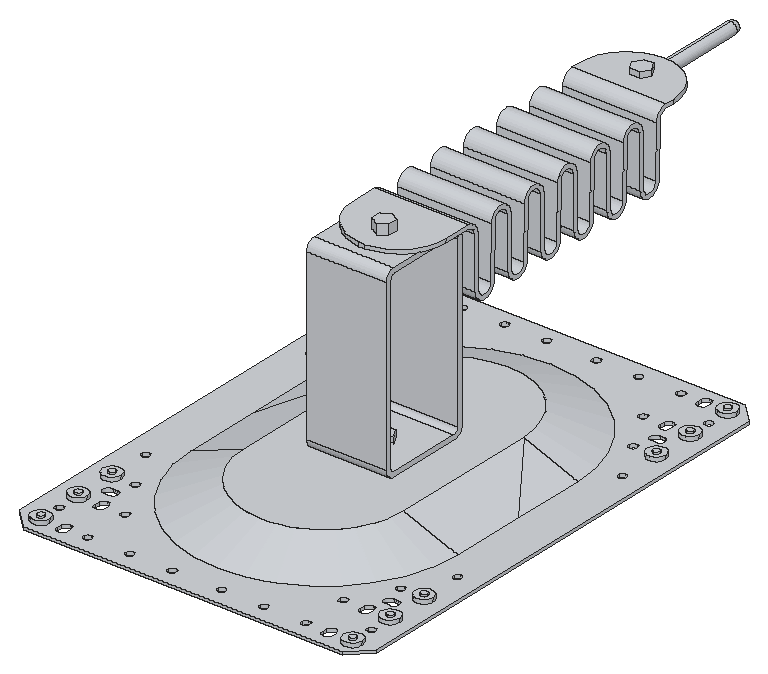
Revit family "TRAPEZOIDAL_ROOF_-_SWAGE_END_ASSEMBLY", category Generic Models, host Face, Revit 2026
Family settings
  Host = Face
  Can host rebar = No
  Round Connector Dimension = Use Diameter
  Part Type = Normal
  Cut with Voids When Loaded = No
  Maintain Annotation Orientation = No
  Shared = No
  Room Calculation Point = No
Parameters
  Shipping Weight kg = "0.0"
  Product Range = "KeeLine"
  Product Model Number = ""
  Product Literature = ""
  Product Group = "KeeLine"
  Product Family = "KeeLine"
  Width = 380 mm
  Overall Width = 380 mm
  Overall Length = 735 mm
  Overall Height = 240 mm
  Material = Stainless Steel, Polished
  Manufacturer Website = "www.keesafety.co.uk"
  Manufacturer Country = "United Kingdom"
  Manufacturer = "Kee Safety"
  Location of Manufacturer = "Cradley Heath"
  Gross Weight kg = "12.5"
  Finish = "Natural"
  Features = ""
  Design Country = "United Kingdom"
  Description = "The Energy Absorber is designed to dissipate the energy generated throughout the system and reduce the end loadings to below 10kN."
  Default Elevation = 1219.2 mm
  Coverage Area = 0.00 m²
  Colour = "Natural"
  CE Approval = yes
  Assembly Code = ""
  Annually = ""
Reference planes
  plane 1 "Center (Front/Back)": y = 0
  plane 2: z = 0
  plane 3 "Center (Left/Right)": x = 0
  plane 4: z = 258
  plane 5: z = 149
  plane 6: z = 208.5
  plane 7: z = 212
Dimensions and locks
  locked: plane 4 to plane 2 at 258
  locked: plane 1 "Center (Front/Back)" to nested 1 at 268
  locked: nested 1 to plane 3 "Center (Left/Right)" at 190
  locked: plane 4 to plane 5 at 109
  locked: nested 4 to nested 4 at 50
  locked: nested 1 to nested 4 at 50.048
  locked: plane 6 to host face at 208.5
  locked: plane 7 to nested 4 at 13
  locked: nested 1 to nested 5 at 60.327
  locked: nested 4 to nested 5 at 15
  aligned and locked: plane 2 to host face
  aligned and locked: level to host face
Nested families
  nested 1: "SPS10 - BASE PLATE" at (0, 0, 0), type "SPS10 - BASE PLATE"
  nested 2: "KL2STEX - KL2 METAL ROOF EXTREMITY POST" at (0, 0, 25) x (0, -1, 0) z (0, 0, 1), type "KL2STEX - KL2 METAL ROOF EXTREMITY POST"
  nested 3: "7.7 BULB-TITE RIVIT EPDM" at (0, 0, 0), type "7.7 BULB-TITE RIVIT EPDM"
  nested 4: "ST ABSORBER ELEMENT" at (0, 181.223, 149) x (0, -1, 0) z (0, 0, 1), type "ST ABSORBER ELEMENT"
  nested 5: "HEX-END - SWAGE END FITTING" at (0, 343.327, 212), type "HEX-END - SWAGE END FITTING"
Definition of nested family "SPS10 - BASE PLATE"
  Parameters (values of type "SPS10 - BASE PLATE")
    Shipping Weight kg = "0.0"
    Product Range = "KeeLine"
    Product Model Number = "LABASPS10"
    Product Literature = ""
    Product Group = "KeeLine"
    Product Family = "KeeLine"
    Width = 380 mm
    Overall Width = 380 mm
    Overall Length = 536 mm
    Overall Height = 40 mm
    Material = none
    Manufacturer Website = "www.keesafety.co.uk"
    Manufacturer Country = "United Kingdom"
    Manufacturer = "Kee Safety"
    Location of Manufacturer = "Cradley Heath"
    Gross Weight kg = "4.87"
    Finish = "Natural"
    Features = ""
    Design Country = "United Kingdom"
    Description = ""
    Default Elevation = 1219.2 mm
    Coverage Area = 0.00 m²
    Colour = "Natural"
    CE Approval = yes
    Assembly Code = "SPS10"
    Annually = ""
  Reference planes
    plane 1 "Center (Front/Back)": y = 0
    plane 2: z = 0
    plane 3 "Center (Left/Right)": x = 0
    plane 4: x = -190
    plane 5: x = 190
    plane 6: y = 268
    plane 7: y = -268
    plane 8: x = -170
    plane 9: x = 170
    plane 10: y = 248
    plane 11: y = -248
    plane 12: y = 0
    plane 13: x = 0
    plane 14: y = 0
    plane 15: x = 0
    plane 16: z = 3
    plane 17: x = 0
    plane 18: x = -170
    plane 19: z = 25
    plane 20: z = 22
    plane 21: z = 25
  Forms (mm)
    Extrusion 1, solid
      sketch origin (0, 100.8, 0) x (1, 0, 0) y (0, 1, 0)
        loop
          line (-1219.2, 1019.2) -> (-1219.2, -1219.2) -> (1219.2, -1219.2) -> (1219.2, 1019.2) -> (-1219.2, 1019.2)
      from 0 to -304.8
    Extrusion 2, solid, detail levels fine
      sketch origin (0, 0, 0) x (1, 0, 0) y (0, 1, 0)
        loop
          circle (166.5, -250) r 4.5
        loop
          circle (166.5, -200) r 4.5
        loop
          circle (116.5, -200) r 4.5
        loop
          circle (141.5, -155) r 4.5
        loop
          circle (116.5, -250) r 4.5
        loop
          circle (26.5, 250) r 4.5
        loop
          circle (71.5, 250) r 4.5
        loop
          circle (116.5, 250) r 4.5
        loop
          circle (116.5, 200) r 4.5
        loop
          circle (166.5, 200) r 4.5
        loop
          circle (166.5, 250) r 4.5
        loop
          circle (-166.5, 225) r 4.5
        loop
          circle (-166.5, 110) r 4.5
        loop
          circle (-141.5, 155) r 4.5
        loop
          circle (-166.5, 155) r 4.5
        loop
          circle (-26.5, 250) r 4.5
        loop
          circle (-26.5, -250) r 4.5
        loop
          circle (-71.5, -250) r 4.5
        loop
          circle (-166.5, -110) r 4.5
        loop
          circle (-166.5, -225) r 4.5
        loop
          circle (-166.5, -250) r 4.5
        loop
          circle (-166.5, -200) r 4.5
        loop
          circle (-116.5, -200) r 4.5
        loop
          circle (-141.5, -155) r 4.5
        loop
          circle (-116.5, -250) r 4.5
        loop
          circle (-71.5, 250) r 4.5
        loop
          circle (-116.5, 250) r 4.5
        loop
          circle (-116.5, 200) r 4.5
        loop
          circle (-166.5, 200) r 4.5
        loop
          circle (-166.5, 250) r 4.5
        loop
          circle (166.5, 225) r 4.5
        loop
          circle (166.5, 110) r 4.5
        loop
          circle (141.5, 155) r 4.5
        loop
          circle (166.5, 155) r 4.5
        loop
          circle (-166.5, -155) r 4.5
        loop
          circle (166.5, -155) r 4.5
        loop
          circle (26.5, -250) r 4.5
        loop
          circle (71.5, -250) r 4.5
        loop
          circle (166.5, -110) r 4.5
        loop
          circle (166.5, -225) r 4.5
        loop
          line (-147, -247.5) -> (-147, -252.5)
          arc (-147, -252.5) -> (-141.5, -258) -> (-136, -252.5) r 5.5
          line (-136, -252.5) -> (-136, -247.5)
          arc (-136, -247.5) -> (-141.5, -242) -> (-147, -247.5) r 5.5
        loop
          line (-147.5, -172) -> (-152.5, -172)
          arc (-152.5, -172) -> (-158, -177.5) -> (-152.5, -183) r 5.5
          line (-152.5, -183) -> (-147.5, -183)
          arc (-147.5, -183) -> (-142, -177.5) -> (-147.5, -172) r 5.5
        loop
          line (-136, -202.5) -> (-136, -197.5)
          arc (-136, -197.5) -> (-141.5, -192) -> (-147, -197.5) r 5.5
          line (-147, -197.5) -> (-147, -202.5)
          arc (-147, -202.5) -> (-141.5, -208) -> (-136, -202.5) r 5.5
        loop
          line (-136, 247.5) -> (-136, 252.5)
          arc (-136, 252.5) -> (-141.5, 258) -> (-147, 252.5) r 5.5
          line (-147, 252.5) -> (-147, 247.5)
          arc (-147, 247.5) -> (-141.5, 242) -> (-136, 247.5) r 5.5
        loop
          line (-147.5, 183) -> (-152.5, 183)
          arc (-152.5, 183) -> (-158, 177.5) -> (-152.5, 172) r 5.5
          line (-152.5, 172) -> (-147.5, 172)
          arc (-147.5, 172) -> (-142, 177.5) -> (-147.5, 183) r 5.5
        loop
          line (-147, 202.5) -> (-147, 197.5)
          arc (-147, 197.5) -> (-141.5, 192) -> (-136, 197.5) r 5.5
          line (-136, 197.5) -> (-136, 202.5)
          arc (-136, 202.5) -> (-141.5, 208) -> (-147, 202.5) r 5.5
        loop
          line (136, -247.5) -> (136, -252.5)
          arc (136, -252.5) -> (141.5, -258) -> (147, -252.5) r 5.5
          line (147, -252.5) -> (147, -247.5)
          arc (147, -247.5) -> (141.5, -242) -> (136, -247.5) r 5.5
        loop
          line (147.5, -183) -> (152.5, -183)
          arc (152.5, -183) -> (158, -177.5) -> (152.5, -172) r 5.5
          line (152.5, -172) -> (147.5, -172)
          arc (147.5, -172) -> (142, -177.5) -> (147.5, -183) r 5.5
        loop
          line (147, -202.5) -> (147, -197.5)
          arc (147, -197.5) -> (141.5, -192) -> (136, -197.5) r 5.5
          line (136, -197.5) -> (136, -202.5)
          arc (136, -202.5) -> (141.5, -208) -> (147, -202.5) r 5.5
        loop
          line (147, 247.5) -> (147, 252.5)
          arc (147, 252.5) -> (141.5, 258) -> (136, 252.5) r 5.5
          line (136, 252.5) -> (136, 247.5)
          arc (136, 247.5) -> (141.5, 242) -> (147, 247.5) r 5.5
        loop
          line (147.5, 172) -> (152.5, 172)
          arc (152.5, 172) -> (158, 177.5) -> (152.5, 183) r 5.5
          line (152.5, 183) -> (147.5, 183)
          arc (147.5, 183) -> (142, 177.5) -> (147.5, 172) r 5.5
        loop
          line (136, 202.5) -> (136, 197.5)
          arc (136, 197.5) -> (141.5, 192) -> (147, 197.5) r 5.5
          line (147, 197.5) -> (147, 202.5)
          arc (147, 202.5) -> (141.5, 208) -> (136, 202.5) r 5.5
        loop
          line (170, 268) -> (-170, 268) -> (-190, 248) -> (-190, -248) -> (-170, -268) -> (170, -268) -> (190, -248) -> (190, 248) -> (170, 268)
      from 0 to 3
    Blend 3, solid, detail levels fine
      base sketch origin (0, 0, 0) x (1, 0, 0) y (0, 1, 0)
        loop
          line (-142, 0) -> (-142, -80)
          arc (-142, -80) -> (0, -222) -> (142, -80) r 142
          line (142, -80) -> (142, 0) -> (142, 80)
          arc (142, 80) -> (0, 222) -> (-142, 80) r 142
          line (-142, 80) -> (-142, 0)
      top sketch origin (0, 0, 0) x (1, 0, 0) y (0, 1, 0)
        loop
          arc (-85, -80) -> (0, -165) -> (85, -80) r 85
          line (85, -80) -> (85, 80)
          arc (85, 80) -> (0, 165) -> (-85, 80) r 85
          line (-85, 80) -> (-85, -80)
      from 3 to 25
    Extrusion 4, solid, detail levels medium
      sketch origin (0, 0, 0) x (1, 0, 0) y (0, 1, 0)
        loop
          line (-190, 268) -> (-190, -268) -> (190, -268) -> (190, 268) -> (-190, 268)
      from 0 to 3
    Extrusion 5, solid, detail levels fine
      sketch origin (0, 0, 0) x (1, 0, 0) y (0, 1, 0)
        loop
          line (-5.194, 8.996) -> (-10.388, 0) -> (-5.194, -8.996) -> (5.194, -8.996) -> (10.388, 0) -> (5.194, 8.996) -> (-5.194, 8.996)
      from 25 to 35.5
    Extrusion 6, solid, detail levels medium
      sketch origin (0, 0, 0) x (1, 0, 0) y (0, 1, 0)
        loop
          line (-139, 80) -> (-139, -80)
          arc (-139, -80) -> (0, -219) -> (139, -80) r 139
          line (139, -80) -> (139, 80)
          arc (139, 80) -> (0, 219) -> (-139, 80) r 139
      from 3 to 25
    Extrusion 7, solid, detail levels coarse
      sketch origin (0, 0, 0) x (1, 0, 0) y (0, 1, 0)
        loop
          line (-190, 268) -> (-190, -268) -> (190, -268) -> (190, 268) -> (-190, 268)
      from 0 to 25
  Cuts and joins
    joined: Extrusion 2, Blend 3
    joined: Extrusion 4, Extrusion 6
  Dimensions and locks
    equal spacing: plane 7, plane 1 "Center (Front/Back)", plane 6
    locked: plane 7 to plane 6 at 536
    equal spacing: plane 4, plane 3 "Center (Left/Right)", plane 5
    locked: plane 4 to plane 5 at 380
    locked: plane 4 to plane 8 at 20
    locked: plane 9 to plane 5 at 20
    locked: plane 10 to plane 6 at 20
    locked: plane 7 to plane 11 at 20
    locked: plane 16 to plane 2 at 3
    locked: plane 19 to plane 16 at 22
    locked: plane 20 to plane 19 at 3
    locked: Extrusion 5 sketch curve to Extrusion 5 sketch curve at 17.992
    Extrusion 1 to plane 21 = 25 mm
    aligned and locked: plane 2 to Extrusion 1
    aligned and locked: level to Extrusion 1
    aligned and locked: plane 12 to plane 1 "Center (Front/Back)"
    aligned and locked: plane 3 "Center (Left/Right)" to plane 13
    aligned and locked: plane 19 to Blend 3
    aligned and locked: Extrusion 4 to plane 4
    aligned and locked: Extrusion 4 sketch curve to plane 7
    aligned and locked: plane 4 to Extrusion 4 sketch curve
    aligned and locked: Extrusion 4 sketch curve to plane 5
    aligned and locked: plane 6 to Extrusion 4 sketch curve
    aligned and locked: plane 19 to Extrusion 6
    aligned and locked: Extrusion 6 to plane 16
    aligned and locked: Extrusion 7 sketch curve to cut or joined group of Extrusion 4, Extrusion 6  (x4)
    aligned and locked: Extrusion 7 to plane 19
    aligned and locked: Extrusion 7 to level
  Automatic sketch dimensions
    Extrusion 1 sketch curve to Extrusion 1 sketch curve = 2438.4 mm
    Extrusion 1 sketch curve to Extrusion 1 sketch curve = 2238.4 mm
    plane 1 "Center (Front/Back)" to Blend 3 sketch curve = 0 mm  (x2)
    Blend 3 sketch curve to plane 3 "Center (Left/Right)" = 0 mm  (x2)
    plane 8 to Blend 3 sketch curve = 28 mm
    plane 1 "Center (Front/Back)" to Blend 3 sketch curve = 80 mm  (x2)
    Blend 3 sketch curve to plane 1 "Center (Front/Back)" = 80 mm  (x2)
    Blend 3 sketch curve to Blend 3 sketch curve = 85 mm
    Blend 3 sketch curve to Blend 3 sketch curve = 0 mm
    Extrusion 2 sketch curve to plane 4 = 0 mm
    plane 6 to Extrusion 2 sketch curve = 0 mm
    Extrusion 2 sketch curve to plane 8 = 0 mm  (x2)
    plane 7 to Extrusion 2 sketch curve = 0 mm
    Extrusion 2 sketch curve to plane 9 = 0 mm  (x2)
    Extrusion 2 sketch curve to plane 5 = 0 mm
    plane 11 to Extrusion 2 sketch curve = 0 mm  (x2)
    Extrusion 2 sketch curve to plane 10 = 0 mm  (x2)
    plane 8 to Extrusion 2 sketch curve = 3.5 mm  (x10)
    plane 8 to Extrusion 2 sketch curve = 17.5 mm  (x2)
    Extrusion 2 sketch curve to Extrusion 2 sketch curve = 5 mm  (x8)
    Extrusion 2 sketch curve to Extrusion 2 sketch curve = 0.5 mm  (x4)
    Extrusion 2 sketch curve to plane 11 = 0.5 mm  (x2)
    Extrusion 2 sketch curve to Extrusion 2 sketch curve = 19.5 mm  (x10)
    Extrusion 2 sketch curve to plane 10 = 0.5 mm  (x2)
    Extrusion 2 sketch curve to Extrusion 2 sketch curve = 5.5 mm  (x12)
    Extrusion 2 sketch curve to Extrusion 2 sketch curve = 6 mm  (x2)
    plane 11 to Extrusion 2 sketch curve = 2 mm  (x8)
    plane 10 to Extrusion 2 sketch curve = 2 mm  (x8)
    Extrusion 2 sketch curve to Extrusion 2 sketch curve = 45 mm  (x10)
    Extrusion 2 sketch curve to plane 3 "Center (Left/Right)" = 26.5 mm  (x2)
    plane 3 "Center (Left/Right)" to Extrusion 2 sketch curve = 26.5 mm  (x2)
    Extrusion 2 sketch curve to plane 9 = 53.5 mm
    Extrusion 2 sketch curve to Extrusion 2 sketch curve = 0 mm  (x3)
    plane 10 to Extrusion 2 sketch curve = 4.5 mm  (x2)
    plane 11 to Extrusion 2 sketch curve = 4.5 mm  (x2)
    Extrusion 2 sketch curve to plane 9 = 28.5 mm  (x2)
    Extrusion 2 sketch curve to plane 9 = 3.5 mm  (x10)
    Extrusion 2 sketch curve to plane 11 = 23 mm  (x2)
    Extrusion 2 sketch curve to Extrusion 2 sketch curve = 22.5 mm  (x2)
    Extrusion 2 sketch curve to Extrusion 2 sketch curve = 2.5 mm  (x8)
    Extrusion 2 sketch curve to Extrusion 2 sketch curve = 14.5 mm  (x4)
    Extrusion 2 sketch curve to Extrusion 2 sketch curve = 17 mm  (x6)
    Extrusion 2 sketch curve to plane 1 "Center (Front/Back)" = 110 mm  (x2)
    Extrusion 2 sketch curve to plane 10 = 23 mm  (x2)
    plane 1 "Center (Front/Back)" to Extrusion 5 sketch curve = 0 mm  (x2)
    Extrusion 5 sketch curve to plane 3 "Center (Left/Right)" = 10.388 mm
    Extrusion 5 sketch curve to plane 3 "Center (Left/Right)" = 5.194 mm  (x2)
    plane 3 "Center (Left/Right)" to Extrusion 5 sketch curve = 5.194 mm  (x2)
    Extrusion 5 sketch curve to Extrusion 5 sketch curve = 5.194 mm
    plane 1 "Center (Front/Back)" to Extrusion 5 sketch curve = 8.996 mm
    plane 1 "Center (Front/Back)" to Extrusion 6 sketch curve = 80 mm
    Extrusion 6 sketch curve to plane 1 "Center (Front/Back)" = 80 mm
    Extrusion 6 sketch curve to plane 3 "Center (Left/Right)" = 0 mm
    plane 8 to Extrusion 6 sketch curve = 31 mm
    radius of Extrusion 2 sketch curve = 4.5 mm  (x40)
Definition of nested family "KL2STEX - KL2 METAL ROOF EXTREMITY POST"
  Parameters (values of type "KL2STEX - KL2 METAL ROOF EXTREMITY POST")
    Shipping Weight kg = "0.0"
    Product Range = "KeeLine"
    Product Model Number = "LAKL2STEX"
    Product Literature = ""
    Product Group = "KeeLine"
    Product Family = "KeeLine"
    Width = 100 mm
    Overall Width = 100 mm
    Overall Length = 85 mm
    Overall Height = 200 mm
    Material = none
    Manufacturer Website = "www.keesafety.co.uk"
    Manufacturer Country = "United Kingdom"
    Manufacturer = "Kee Safety"
    Location of Manufacturer = "Cradley Heath"
    Gross Weight kg = "1.15"
    Finish = "Natural"
    Features = ""
    Design Country = "United Kingdom"
    Description = ""
    Default Elevation = 1219.2 mm
    Coverage Area = 0.00 m²
    Colour = "Natural"
    CE Approval = yes
    Assembly Code = "KL2STEX"
    Annually = ""
  Reference planes
    plane 1 "Center (Front/Back)": y = 0
    plane 2: z = 0
    plane 3 "Center (Left/Right)": x = 0
    plane 4: x = 50
    plane 5: y = 0
    plane 6: x = 0
    plane 7: x = -50
    plane 8: z = 200
    plane 9: y = 42.5
    plane 10: y = -42.5
  Forms (mm)
    Extrusion 1, solid
      sketch origin (0, 100.8, 0) x (1, 0, 0) y (0, 1, 0)
        loop
          line (-1080, 859.2) -> (-1080, -1167.827) -> (1087.593, -1167.827) -> (1087.593, 859.2) -> (-1080, 859.2)
      from 0 to -196.877
    Extrusion 2, solid, detail levels fine
      sketch origin (0, 0, -100) x (1, 0, 0) y (0, 0, 1)
        loop
          arc (-40, 300) -> (-47.071, 297.071) -> (-50, 290) r 10
          line (-50, 290) -> (-50, 110)
          arc (-50, 110) -> (-47.071, 102.929) -> (-40, 100) r 10
          line (-40, 100) -> (40.01, 100)
          arc (40.01, 100) -> (47.074, 102.926) -> (50, 109.99) r 9.99
          line (50, 109.99) -> (50, 290.01)
          arc (50, 290.01) -> (47.074, 297.074) -> (40.01, 300) r 9.99
          line (40.01, 300) -> (-40, 300)
        loop
          arc (-40, 295) -> (-43.677, 293.477) -> (-45.2, 289.8) r 5.2
          line (-45.2, 289.8) -> (-45.2, 110.2)
          arc (-45.2, 110.2) -> (-43.677, 106.523) -> (-40, 105) r 5.2
          line (-40, 105) -> (40.01, 105)
          arc (40.01, 105) -> (43.68, 106.52) -> (45.2, 110.19) r 5.19
          line (45.2, 110.19) -> (45.2, 289.81)
          arc (45.2, 289.81) -> (43.68, 293.48) -> (40.01, 295) r 5.19
          line (40.01, 295) -> (-40, 295)
      from -42.5 to 42.5
    Extrusion 3, solid, detail levels medium
      sketch origin (0, 0, -100) x (1, 0, 0) y (0, 0, 1)
        loop
          line (-50, 300) -> (-50, 100) -> (50, 100) -> (50, 300) -> (-50, 300)
        loop
          line (-45.2, 295) -> (-45.2, 105) -> (45.2, 105) -> (45.2, 295) -> (-45.2, 295)
      from -42.5 to 42.5
    Extrusion 4, solid, detail levels coarse
      sketch origin (0, 0, -100) x (1, 0, 0) y (0, 0, 1)
        loop
          line (50, 300) -> (-50, 300) -> (-50, 100) -> (50, 100) -> (50, 300)
      from -42.5 to 42.5
  Dimensions and locks
    plane 4 to plane 6 = 50 mm
    locked: plane 4 to plane 6 at 50
    locked: plane 7 to plane 6 at 50
    plane 8 to plane 2 = 200 mm
    locked: plane 9 to plane 5 at 42.5
    locked: plane 10 to plane 5 at 42.5
    Extrusion 3 sketch curve to Extrusion 4 = 5 mm
    locked: Extrusion 1 to plane 8 at 200
    aligned and locked: plane 2 to Extrusion 1
    aligned and locked: level to Extrusion 1
    aligned and locked: plane 5 to plane 1 "Center (Front/Back)"
    aligned and locked: Extrusion 2 sketch curve to plane 4
    aligned and locked: Extrusion 2 to plane 9
    aligned and locked: Extrusion 2 to plane 10
    aligned and locked: plane 7 to Extrusion 3 sketch curve
    aligned and locked: Extrusion 3 sketch curve to plane 4
    aligned and locked: Extrusion 3 to plane 9
    aligned and locked: Extrusion 3 to plane 10
    aligned and locked: Extrusion 4 sketch curve to plane 7
    aligned and locked: plane 4 to Extrusion 4 sketch curve
    aligned and locked: Extrusion 4 to plane 9
    aligned and locked: Extrusion 4 to plane 8
    aligned and locked: Extrusion 3 to Extrusion 2 sketch curve
Definition of nested family "7.7 BULB-TITE RIVIT EPDM"
  Parameters (values of type "7.7 BULB-TITE RIVIT EPDM")
    Shipping Weight kg = "0.0"
    Product Range = ""
    Product Model Number = "LA0KL2RVT"
    Product Literature = ""
    Product Group = "KeeLine"
    Product Family = "KeeLine"
    Width = 18 mm
    Overall Width = 18 mm
    Overall Length = 18 mm
    Overall Height = 49 mm
    Material = none
    Manufacturer Website = "www.keesafety.co.uk"
    Manufacturer Country = "United Kingdom"
    Manufacturer = "Kee Safety"
    Location of Manufacturer = "Cradley Heath"
    Gross Weight kg = "0.01"
    Finish = "Natural"
    Features = ""
    Design Country = "United Kingdom"
    Description = ""
    Default Elevation = 1219.2 mm
    Coverage Area = 0.00 m²
    Colour = "Natural"
    CE Approval = yes
    Assembly Code = "KL2RIVIT"
    Annually = ""
  Reference planes
    plane 1 "Center (Front/Back)": y = 0
    plane 2: z = 0
    plane 3 "Center (Left/Right)": x = 0
    plane 4: x = 166.5
    plane 5: y = -250
    plane 6: x = 0
    plane 7: y = 0
  Forms (mm)
    Extrusion 1, solid
      sketch origin (0, 100.8, 0) x (1, 0, 0) y (0, 1, 0)
        loop
          line (-1080, 859.2) -> (-1080, -1167.827) -> (1087.593, -1167.827) -> (1087.593, 859.2) -> (-1080, 859.2)
      from 0 to -196.877
    Extrusion 2, solid, detail levels fine
      sketch origin (0, 0, 0) x (1, 0, 0) y (0, 1, 0)
        loop
          circle (166.5, -250) r 8.6
        loop
          circle (166.5, -155) r 8.6
        loop
          circle (166.5, -200) r 8.6
        loop
          circle (166.5, 250) r 8.6
        loop
          circle (166.5, 155) r 8.6
        loop
          circle (166.5, 200) r 8.6
        loop
          circle (-166.5, -250) r 8.6
        loop
          circle (-166.5, -155) r 8.6
        loop
          circle (-166.5, -200) r 8.6
        loop
          circle (-166.5, 250) r 8.6
        loop
          circle (-166.5, 155) r 8.6
        loop
          circle (-166.5, 200) r 8.6
      from 0 to -3
    Extrusion 3, solid, detail levels fine
      sketch origin (0, 0, 0) x (1, 0, 0) y (0, 1, 0)
        loop
          circle (166.5, -250) r 3.55
        loop
          circle (166.5, -200) r 3.55
        loop
          circle (166.5, -155) r 3.55
        loop
          circle (-166.5, -250) r 3.55
        loop
          circle (-166.5, -200) r 3.55
        loop
          circle (-166.5, -155) r 3.55
        loop
          circle (166.5, 250) r 3.55
        loop
          circle (166.5, 200) r 3.55
        loop
          circle (166.5, 155) r 3.55
        loop
          circle (-166.5, 250) r 3.55
        loop
          circle (-166.5, 200) r 3.55
        loop
          circle (-166.5, 155) r 3.55
      from 0 to 8
    Extrusion 4, solid, detail levels fine
      sketch origin (-0.13, 0, 0) x (1, 0, 0) y (0, 1, 0)
        loop
          circle (166.5, -250) r 9.7
        loop
          circle (166.5, -200) r 9.7
        loop
          circle (166.5, -155) r 9.7
        loop
          circle (-166.5, -250) r 9.7
        loop
          circle (-166.5, -200) r 9.7
        loop
          circle (-166.5, -155) r 9.7
        loop
          circle (166.5, 250) r 9.7
        loop
          circle (166.5, 200) r 9.7
        loop
          circle (166.5, 155) r 9.7
        loop
          circle (-166.5, 250) r 9.7
        loop
          circle (-166.5, 200) r 9.7
        loop
          circle (-166.5, 155) r 9.7
      from 3.184 to 6.884
    Extrusion 5, solid, detail levels coarse+medium
      sketch origin (0, 0, 0) x (1, 0, 0) y (0, 1, 0)
        loop
          circle (166.5, -250) r 8.6
        loop
          circle (166.5, -200) r 8.6
        loop
          circle (166.5, -155) r 8.6
        loop
          circle (-166.5, -250) r 8.6
        loop
          circle (-166.5, -200) r 8.6
        loop
          circle (-166.5, -155) r 8.6
        loop
          circle (166.5, 250) r 8.6
        loop
          circle (166.5, 200) r 8.6
        loop
          circle (166.5, 155) r 8.6
        loop
          circle (-166.5, 250) r 8.6
        loop
          circle (-166.5, 200) r 8.6
        loop
          circle (-166.5, 155) r 8.6
      from -3 to 6.884
  Cuts and joins
    joined: Extrusion 2, Extrusion 3, Extrusion 4
  Dimensions and locks
    locked: plane 4 to plane 3 "Center (Left/Right)" at 166.5
    locked: plane 5 to plane 1 "Center (Front/Back)" at 250
    locked: Extrusion 1 to Extrusion 2 at 3
    locked: Extrusion 2 sketch curve to Extrusion 2 sketch curve at 50  (x4)
    Extrusion 2 sketch curve to Extrusion 2 sketch curve = 45 mm  (x4)
    Extrusion 3 to Extrusion 1 = 8 mm
    locked: Extrusion 4 to Extrusion 4 at 3.7
    cut or joined group of Extrusion 2, Extrusion 3, Extrusion 4 to cut or joined group of Extrusion 2, Extrusion 3, Extrusion 4 = 1.116 mm
    locked: cut or joined group of Extrusion 2, Extrusion 3, Extrusion 4 to Extrusion 1 at 3.184
    aligned and locked: plane 2 to Extrusion 1
    aligned and locked: level to Extrusion 1
    aligned and locked: cut or joined group of Extrusion 2, Extrusion 3, Extrusion 4 to Extrusion 5
    aligned and locked: Extrusion 5 to cut or joined group of Extrusion 2, Extrusion 3, Extrusion 4
Definition of nested family "ST ABSORBER ELEMENT"
  Parameters (values of type "ST ABSORBER ELEMENT")
    Shipping Weight kg = "0.0"
    Product Range = "KeeLine"
    Product Model Number = "LABSORB50"
    Product Literature = ""
    Product Group = "KeeLine"
    Product Family = "KeeLine"
    Width = 100 mm
    Overall Width = 100 mm
    Overall Length = 403 mm
    Overall Height = 85 mm
    Material = none
    Manufacturer Website = "www.keesafety.co.uk"
    Manufacturer Country = "United Kingdom"
    Manufacturer = "Kee Safety"
    Location of Manufacturer = "Cradley Heath"
    Gross Weight kg = "3.74"
    Finish = "Natural"
    Features = ""
    Design Country = "United Kingdom"
    Description = ""
    Default Elevation = 1219.2 mm
    Coverage Area = 0.00 m²
    Colour = "Natural"
    CE Approval = yes
    Assembly Code = "LABSORB50"
    Annually = ""
  Reference planes
    plane 1 "Center (Front/Back)": y = 0
    plane 2: z = 0
    plane 3 "Center (Left/Right)": x = 0
    plane 4: y = 0
    plane 5: x = 0
    plane 6: y = 50
    plane 7: y = -50
  Forms (mm)
    Extrusion 1, solid
      sketch origin (0, 100.8, 0) x (1, 0, 0) y (0, 1, 0)
        loop
          line (-1080, 859.2) -> (-1080, -1167.827) -> (1087.593, -1167.827) -> (1087.593, 859.2) -> (-1080, 859.2)
      from 0 to -196.877
    Extrusion 2, solid, detail levels fine
      sketch origin (-162.016, 0, 76) x (1, 0, 0) y (0, 0, 1)
        loop
          line (30, 4) -> (-30, 4) -> (-30, 0) -> (30, 0)
          arc (30, 0) -> (35.955, -2.435) -> (38.499, -8.345) r 8.5
          line (38.499, -8.345) -> (39.507, -63.727)
          arc (39.507, -63.727) -> (52.004, -76) -> (64.502, -63.727) r 12.5
          line (64.502, -63.727) -> (65.51, -8.345)
          arc (65.51, -8.345) -> (74.009, 0) -> (82.507, -8.345) r 8.5
          line (82.507, -8.345) -> (83.515, -63.727)
          arc (83.515, -63.727) -> (96.013, -76) -> (108.511, -63.727) r 12.5
          line (108.511, -63.727) -> (109.519, -8.345)
          arc (109.519, -8.345) -> (118.018, 0) -> (126.516, -8.345) r 8.5
          line (126.516, -8.345) -> (127.524, -63.727)
          arc (127.524, -63.727) -> (140.022, -76) -> (152.52, -63.727) r 12.5
          line (152.52, -63.727) -> (153.528, -8.345)
          arc (153.528, -8.345) -> (162.027, 0) -> (170.525, -8.345) r 8.5
          line (170.525, -8.345) -> (171.533, -63.727)
          arc (171.533, -63.727) -> (184.031, -76) -> (196.529, -63.727) r 12.5
          line (196.529, -63.727) -> (197.537, -8.345)
          arc (197.537, -8.345) -> (206.036, 0) -> (214.534, -8.345) r 8.5
          line (214.534, -8.345) -> (215.542, -63.727)
          arc (215.542, -63.727) -> (228.04, -76) -> (240.538, -63.727) r 12.5
          line (240.538, -63.727) -> (241.546, -8.345)
          arc (241.546, -8.345) -> (250.045, 0) -> (258.543, -8.345) r 8.5
          line (258.543, -8.345) -> (259.551, -63.727)
          arc (259.551, -63.727) -> (272.049, -76) -> (284.547, -63.727) r 12.5
          line (284.547, -63.727) -> (285.555, -8.345)
          arc (285.555, -8.345) -> (287.892, -2.644) -> (293.467, -0.02) r 8.5
          line (293.467, -0.02) -> (373.191, -0.02) -> (373.191, 3.97) -> (293.191, 3.97)
          arc (293.191, 3.97) -> (284.993, 0.111) -> (281.555, -8.273) r 12.5
          line (281.555, -8.273) -> (280.548, -63.655)
          arc (280.548, -63.655) -> (272.049, -72) -> (263.55, -63.655) r 8.5
          line (263.55, -63.655) -> (262.542, -8.273)
          arc (262.542, -8.273) -> (250.045, 4) -> (237.547, -8.273) r 12.5
          line (237.547, -8.273) -> (236.539, -63.655)
          arc (236.539, -63.655) -> (228.04, -72) -> (219.541, -63.655) r 8.5
          line (219.541, -63.655) -> (218.534, -8.273)
          arc (218.534, -8.273) -> (206.036, 4) -> (193.538, -8.273) r 12.5
          line (193.538, -8.273) -> (192.53, -63.655)
          arc (192.53, -63.655) -> (184.031, -72) -> (175.533, -63.655) r 8.5
          line (175.533, -63.655) -> (174.525, -8.273)
          arc (174.525, -8.273) -> (162.027, 4) -> (149.529, -8.273) r 12.5
          line (149.529, -8.273) -> (148.521, -63.655)
          arc (148.521, -63.655) -> (140.022, -72) -> (131.524, -63.655) r 8.5
          line (131.524, -63.655) -> (130.516, -8.273)
          arc (130.516, -8.273) -> (118.018, 4) -> (105.52, -8.273) r 12.5
          line (105.52, -8.273) -> (104.512, -63.655)
          arc (104.512, -63.655) -> (96.013, -72) -> (87.515, -63.655) r 8.5
          line (87.515, -63.655) -> (86.507, -8.273)
          arc (86.507, -8.273) -> (74.009, 4) -> (61.511, -8.273) r 12.5
          line (61.511, -8.273) -> (60.503, -63.655)
          arc (60.503, -63.655) -> (52.004, -72) -> (43.506, -63.655) r 8.5
          line (43.506, -63.655) -> (42.498, -8.273)
          arc (42.498, -8.273) -> (38.758, 0.419) -> (30, 4) r 12.5
      from -50 to 50
    Extrusion 3, void
      sketch origin (0, 0, 0) x (1, 0, 0) y (0, 1, 0)
        loop
          line (-217.016, 50) -> (-217.016, -50) -> (-142.016, -50)
          arc (-142.016, -50) -> (-192.016, 0) -> (-142.016, 50) r 50
          line (-142.016, 50) -> (-217.016, 50)
        loop
          line (235.984, 50) -> (161.26, 50)
          arc (161.26, 50) -> (211.26, 0) -> (161.26, -50) r 50
          line (161.26, -50) -> (235.984, -50) -> (235.984, 50)
        loop
          circle (-162.016, 0) r 7.451
        loop
          circle (181.26, 0) r 7.508
      from 0 to 85.491
    Extrusion 4, solid, detail levels medium
      sketch origin (0, 0, 0) x (1, 0, 0) y (0, 0, 1)
        loop
          line (-192.016, 80) -> (-192.016, 76) -> (-132.016, 76)
          arc (-132.016, 76) -> (-126.061, 73.565) -> (-123.517, 67.655) r 8.5
          line (-123.517, 67.655) -> (-122.51, 12.273)
          arc (-122.51, 12.273) -> (-118.77, 3.581) -> (-110.012, 0) r 12.5
          line (-110.012, 0) -> (110.033, 0)
          arc (110.033, 0) -> (118.791, 3.581) -> (122.531, 12.273) r 12.5
          line (122.531, 12.273) -> (123.539, 67.655)
          arc (123.539, 67.655) -> (125.932, 73.268) -> (131.465, 75.841) r 8.52
          line (131.465, 75.841) -> (210.982, 75.841) -> (210.982, 80) -> (-192.016, 80)
      from 50 to -50
    Extrusion 5, solid, detail levels coarse
      sketch origin (0, 0, 0) x (1, 0, 0) y (0, 0, 1)
        loop
          line (-192.016, 0) -> (210.982, 0) -> (210.982, 80) -> (-192.016, 80) -> (-192.016, 0)
      from -50 to 50
    Extrusion 6, solid, detail levels fine
      sketch origin (343.333, 0, 0) x (1, 0, 0) y (0, 1, 0)
        loop
          line (-167.213, 9.002) -> (-172.41, 0) -> (-167.213, -9.002) -> (-156.819, -9.002) -> (-151.622, 0) -> (-156.819, 9.002) -> (-167.213, 9.002)
      from 80 to 90.5
  Cuts and joins
    Extrusion 3 cuts Extrusion 2
  Dimensions and locks
    locked: plane 6 to plane 4 at 50
    locked: plane 7 to plane 4 at 50
    locked: Extrusion 3 sketch curve to Extrusion 2 at 25
    locked: Extrusion 6 sketch curve to Extrusion 6 sketch curve at 18.003
    locked: Extrusion 6 to Extrusion 5 at 10.5
    aligned and locked: plane 2 to Extrusion 1
    aligned and locked: level to Extrusion 1
    aligned and locked: plane 4 to plane 1 "Center (Front/Back)"
    aligned and locked: Extrusion 2 to plane 6
    aligned and locked: plane 7 to Extrusion 2
    aligned and locked: Extrusion 4 to plane 6
    aligned and locked: plane 7 to Extrusion 4
    aligned and locked: Extrusion 5 sketch curve to level
    aligned and locked: Extrusion 5 sketch curve to cut or joined group of Extrusion 2, Extrusion 3
    aligned and locked: Extrusion 5 sketch curve to Extrusion 4
    aligned and locked: Extrusion 5 to plane 6
    aligned and locked: plane 7 to Extrusion 5
    aligned and locked: cut or joined group of Extrusion 2, Extrusion 3 to Extrusion 6
Definition of nested family "HEX-END - SWAGE END FITTING"
  Parameters (values of type "HEX-END - SWAGE END FITTING")
    Shipping Weight kg = "0.0"
    Product Range = "KeeLine"
    Product Model Number = "AKL2HEX8"
    Product Literature = ""
    Product Group = "KeeLine"
    Product Family = "KeeLine"
    Width = 30 mm
    Overall Width = 30 mm
    Overall Length = 139 mm
    Overall Height = 13 mm
    Material = none
    Manufacturer Website = "www.keesafety.co.uk"
    Manufacturer Country = "United Kingdom"
    Manufacturer = "Kee Safety"
    Location of Manufacturer = "Cradley Heath"
    Gross Weight kg = "0.13"
    Finish = "Natural"
    Features = ""
    Design Country = "United Kingdom"
    Description = ""
    Default Elevation = 1219.2 mm
    Coverage Area = 0.00 m²
    Colour = "Natural"
    CE Approval = yes
    Assembly Code = "HEX-END"
    Annually = ""
  Reference planes
    plane 1 "Center (Front/Back)": y = 0
    plane 2: z = 0
    plane 3 "Center (Left/Right)": x = 0
    plane 4: y = 0
    plane 5: x = 0
    plane 6: z = 13
    plane 7: z = 23
  Forms (mm)
    Extrusion 1, solid
      sketch origin (0, 100.8, 0) x (1, 0, 0) y (0, 1, 0)
        loop
          line (-1080, 859.2) -> (-1080, -1167.827) -> (1087.593, -1167.827) -> (1087.593, 859.2) -> (-1080, 859.2)
      from 0 to -196.877
    Extrusion 2, solid, detail levels fine
      sketch origin (0, 0, 0) x (1, 0, 0) y (0, 1, 0)
        loop
          circle (0, 0) r 6.75
        loop
          arc (5, -15) -> (12.071, -12.071) -> (15, -5) r 10
          line (15, -5) -> (15, 13.55)
          arc (15, 13.55) -> (14.734, 14.89) -> (13.975, 16.025) r 3.5
          line (13.975, 16.025) -> (6.814, 23.186) -> (-6.814, 23.186) -> (-13.975, 16.025)
          arc (-13.975, 16.025) -> (-14.734, 14.89) -> (-15, 13.55) r 3.5
          line (-15, 13.55) -> (-15, -5)
          arc (-15, -5) -> (-12.071, -12.071) -> (-5, -15) r 10
          line (-5, -15) -> (5, -15)
      from 0 to 13
    Revolve 3, solid, detail levels fine
      sketch origin (0, 0, 0) x (0, 1, 0) y (0, 0, 1)
        loop
          line (123.5, 6.5) -> (23.186, 6.5) -> (23.186, 0) -> (118.5, 0) -> (123.5, 1) -> (123.5, 6.5)
        axis (23.186, 6.5) -> (123.5, 6.5)
      angle from 0 to 360
    Extrusion 4, solid, detail levels medium
      sketch origin (0, 0, 0) x (1, 0, 0) y (0, 1, 0)
        loop
          line (-6.5, 123.5) -> (-6.5, 23.5) -> (-15, 15) -> (-15, -15) -> (15, -15) -> (15, 15) -> (6.515, 23.485) -> (6.515, 123.5) -> (-6.5, 123.5)
      from 0 to 13
    Extrusion 5, solid, detail levels coarse
      sketch origin (0, 0, 0) x (1, 0, 0) y (0, 1, 0)
        loop
          line (15, -15) -> (15, 123.5) -> (-15, 123.5) -> (-15, -15) -> (15, -15)
      from 0 to 13
    Extrusion 6, solid, detail levels fine
      sketch origin (0, 0, 0) x (1, 0, 0) y (0, 1, 0)
        loop
          line (5.198, -9.002) -> (10.395, 0) -> (5.198, 9.002) -> (-5.198, 9.002) -> (-10.395, 0) -> (-5.198, -9.002) -> (5.198, -9.002)
      from 13 to 23
  Dimensions and locks
    locked: plane 6 to plane 2 at 13
    locked: Extrusion 6 sketch curve to Extrusion 6 sketch curve at 18.005
    locked: plane 7 to plane 6 at 10
    aligned and locked: plane 2 to Extrusion 1
    aligned and locked: level to Extrusion 1
    aligned and locked: plane 4 to plane 1 "Center (Front/Back)"
    aligned and locked: Extrusion 4 sketch curve to Revolve 3
    aligned and locked: Extrusion 4 sketch curve to Extrusion 2  (x5)
    aligned and locked: Extrusion 4 to Extrusion 2
    aligned and locked: Extrusion 4 to level
    aligned and locked: Extrusion 5 sketch curve to Extrusion 2  (x2)
    aligned and locked: Extrusion 5 sketch curve to Extrusion 4
    aligned and locked: Extrusion 5 sketch curve to Revolve 3
    aligned and locked: Extrusion 5 to Extrusion 2
    aligned and locked: Extrusion 5 to level
    aligned and locked: plane 7 to Extrusion 6
